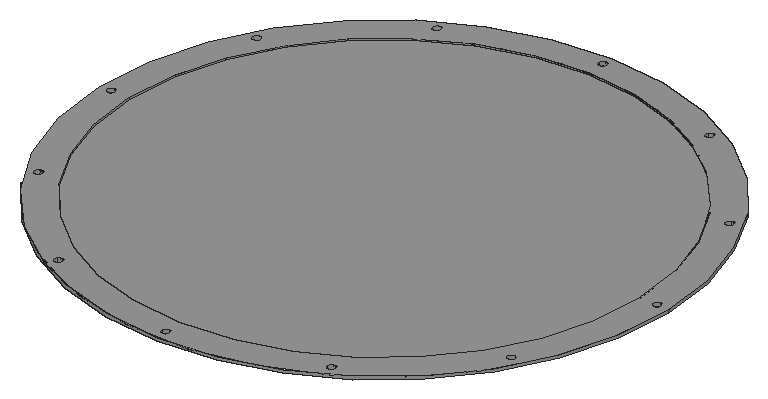
Revit family "СЗ-ВО", category Арматура воздуховодов, Revit 2021
Family settings
  Размер круглого соединителя = Использовать диаметр
  Тип детали = Присоединяется
  На основе рабочей плоскости = Нет
  Всегда вертикально = Да
  При загрузке вырезать с полостями = Нет
  Общий = Нет
Parameters (values of type "СЗ-ВО-1000")
  Отметка по умолчанию = 0 mm
  Класифікація навантаження = "HVAC"
  Изготовитель = "Вентс"  # constant formula
  Діаметр = D2  # 1115 mm
  Висота = 6 mm  # constant formula
  Вага = 4.32 kg
  n = 16
  URL = "https://vents.ua/ua/series/sz-vo"
  R1 = D1 / 2  # 535 mm
  d = 15 mm
  Матеріал зони обслуговуваня = none
  Матеріал решітки = Решітка, сталь, пофарбована, RAL5007
  Dy = 1000 mm
  D2 = 1115 mm
  D1 = 1070 mm
  Матеріал корпусу = Метал, пофарбований, синій, матовий RAL 5007
  09_Назва системи [instance] = ""
  00_20_Тип = "СЗ-ВО-1000"
  00_20_Назва = "Захисна сітка"
  00_20_Виробник = "Вентс"  # constant formula
Types (12, lengths in mm): name | Діаметр | Вага | n | R1 | d | Dy | D2 | D1 | 00_20_Тип
  (no name) | 1115 | 4.32 kg | 16 | 535 | 15 | 1000 | 1115 | 1070 | "СЗ-ВО-1000"
  СЗ-ВО-400 | 490 | 1.28 kg | 12 | 225 | 8 | 400 | 490 | 450 | "СЗ-ВО-400"
  СЗ-ВО-450 | 540 | 1.45 kg | 12 | 250 | 8 | 450 | 540 | 500 | "СЗ-ВО-450"
  СЗ-ВО-500 | 600 | 1.77 kg | 12 | 280 | 12 | 500 | 600 | 560 | "СЗ-ВО-500"
  СЗ-ВО-560 | 660 | 2.00 kg | 12 | 310 | 12 | 560 | 660 | 620 | "СЗ-ВО-560"
  СЗ-ВО-630 | 730 | 2.28 kg | 12 | 345 | 12 | 630 | 730 | 690 | "СЗ-ВО-630"
  СЗ-ВО-710 | 810 | 2.28 kg | 16 | 385 | 12 | 710 | 810 | 770 | "СЗ-ВО-710"
  СЗ-ВО-800 | 900 | 2.59 kg | 16 | 430 | 12 | 800 | 900 | 860 | "СЗ-ВО-800"
  СЗ-ВО-900 | 1015 | 3.83 kg | 16 | 485 | 15 | 900 | 1015 | 970 | "СЗ-ВО-900"
  СЗ-ВО-1000 | 1115 | 4.32 kg | 16 | 535 | 15 | 1000 | 1115 | 1070 | "СЗ-ВО-1000"
  СЗ-ВО-1120 | 1270 | 6.20 kg | 20 | 595 | 15 | 1120 | 1270 | 1190 | "СЗ-ВО-1120"
  СЗ-ВО-1250 | 1400 | 7.03 kg | 20 | 660 | 15 | 1250 | 1400 | 1320 | "СЗ-ВО-1250"
Reference planes
  plane 1 "По центру (Вперед/Назад)": y = 0
  plane 2: z = 0
  plane 3 "По центру (Влево/Вправо)": x = 0
Forms (mm)
  Extrusion 1, solid, material "Метал, пофарбований, синій, матовий RAL 5007" <- "Матеріал корпусу"
    sketch origin (0, 0, 0) x (1, 0, 0) y (0, 1, 0)
      loop
        circle (0, 0) r 500
      loop
        circle (0, 0) r 557.5
    from 0 to 6
  Extrusion 2, void
    sketch origin (0, 255, 0) x (1, 0, 0) y (0, 1, 0)
      loop
        circle (0, 280) r 7.5
    from 0 to 6
  Extrusion 3, void
    sketch origin (127.5, 220.836, 0) x (0.866025, -0.5, 0) y (0.5, 0.866025, 0)
      loop
        circle (0, 280) r 7.5
    from 0 to 6
  Extrusion 4, void
    sketch origin (-127.5, 220.836, 0) x (0.866025, 0.5, 0) y (-0.5, 0.866025, 0)
      loop
        circle (0, 280) r 7.5
    from 0 to 6
  Extrusion 5, void
    sketch origin (-220.836, 127.5, 0) x (0.5, 0.866025, 0) y (-0.866025, 0.5, 0)
      loop
        circle (0, 280) r 7.5
    from 0 to 6
  Extrusion 6, void
    sketch origin (-255, 0, 0) x (0, 1, 0) y (-1, 0, 0)
      loop
        circle (0, 280) r 7.5
    from 0 to 6
  Extrusion 7, void
    sketch origin (-220.836, -127.5, 0) x (-0.5, 0.866025, 0) y (-0.866025, -0.5, 0)
      loop
        circle (0, 280) r 7.5
    from 0 to 6
  Extrusion 8, void
    sketch origin (-127.5, -220.836, 0) x (-0.866025, 0.5, 0) y (-0.5, -0.866025, 0)
      loop
        circle (0, 280) r 7.5
    from 0 to 6
  Extrusion 9, void
    sketch origin (0, -255, 0) x (-1, 0, 0) y (0, -1, 0)
      loop
        circle (0, 280) r 7.5
    from 0 to 6
  Extrusion 10, void
    sketch origin (127.5, -220.836, 0) x (-0.866025, -0.5, 0) y (0.5, -0.866025, 0)
      loop
        circle (0, 280) r 7.5
    from 0 to 6
  Extrusion 11, void
    sketch origin (220.836, -127.5, 0) x (-0.5, -0.866025, 0) y (0.866025, -0.5, 0)
      loop
        circle (0, 280) r 7.5
    from 0 to 6
  Extrusion 12, void
    sketch origin (255, 0, 0) x (0, -1, 0) y (1, 0, 0)
      loop
        circle (0, 280) r 7.5
    from 0 to 6
  Extrusion 13, void
    sketch origin (220.836, 127.5, 0) x (0.5, -0.866025, 0) y (0.866025, 0.5, 0)
      loop
        circle (0, 280) r 7.5
    from 0 to 6
  Extrusion 14, solid, material "Решітка, сталь, пофарбована, RAL5007" <- "Матеріал решітки"
    sketch origin (0, 0, 0) x (1, 0, 0) y (0, 1, 0)
      loop
        circle (0, 0) r 500
    from 2 to 4
Cuts and joins
  Extrusion 2, Extrusion 3, Extrusion 4, Extrusion 5, Extrusion 6, Extrusion 7, Extrusion 8, Extrusion 9, Extrusion 10, Extrusion 11, Extrusion 12, Extrusion 13 cuts Extrusion 1
Dimensions and locks
  "Dy": diameter of Extrusion 1 sketch curve
  "D2": diameter of Extrusion 1 sketch curve
  "d": diameter of Extrusion 2 sketch curve
  "d": diameter of Extrusion 3 sketch curve
  "d": diameter of Extrusion 4 sketch curve
  "d": diameter of Extrusion 5 sketch curve
  "d": diameter of Extrusion 6 sketch curve
  "d": diameter of Extrusion 7 sketch curve
  "d": diameter of Extrusion 8 sketch curve
  "d": diameter of Extrusion 9 sketch curve
  "d": diameter of Extrusion 10 sketch curve
  "d": diameter of Extrusion 11 sketch curve
  "d": diameter of Extrusion 12 sketch curve
  "d": diameter of Extrusion 13 sketch curve
  "R1": radius of radial array
  "Dy": diameter of Extrusion 14 sketch curve
  aligned and locked: level to plane 2
Automatic sketch dimensions
  Extrusion 1 sketch curve to Extrusion 1 sketch curve = 0 mm  (x2)
  plane 1 "По центру (Вперед/Назад)" to Extrusion 1 sketch curve = 0 mm
  Extrusion 1 sketch curve to plane 3 "По центру (Влево/Вправо)" = 0 mm
  plane 1 "По центру (Вперед/Назад)" to Extrusion 14 sketch curve = 0 mm
  Extrusion 14 sketch curve to plane 3 "По центру (Влево/Вправо)" = 0 mm
